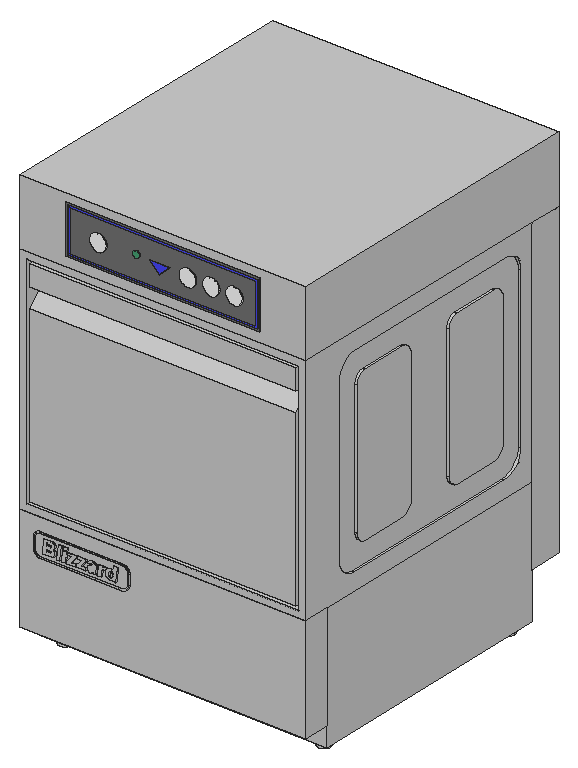
Revit family "QF_BLIZZARD_STORM35DP", category Specialty Equipment, Revit 2016
Family settings
  Part Type = Normal
  Round Connector Dimension = Use Diameter
  OmniClass Number = 23.40.40.14.31
  OmniClass Title = Cleaning and Disposal Equipment
  Work Plane-Based = No
  Always vertical = Yes
  Cut with Voids When Loaded = No
  Shared = No
  Room Calculation Point = No
Parameters (values of type "STORM35DP")
  URL = "www.blizzardequipment.com"
  Show Logo [instance] = yes
  Show Clearance [instance] = yes
  Model = "STORM35DP"
  Manufacturer = "BLIZZARD"
  Legs height [instance] = 170 mm
  Description = "STORM GLASSWASHER 350X350MM WITH DRAIN PUMP"
  Assembly Code = "E1090320"
Reference planes
  plane 1 "Back": y = 0
  plane 2: z = 0
  plane 3 "Left": x = 0
  plane 4 "Right": x = 430
  plane 5 "Front": y = -475
  plane 6 "Top": z = 650
Forms (mm)
  Extrusion 1, solid
    sketch origin (50, 687.394, 40) x (0, -1, 0) y (0, 0, 1)
      loop
        line (687.394, 510.013) -> (687.394, 42.551) -> (737.394, 42.551) -> (737.394, 510.013) -> (687.394, 510.013)
    from -380 to 50
  Extrusion 2, solid
    sketch origin (50, 577.394, -25) x (0, -1, 0) y (0, 0, 1)
      loop
        line (577.394, 675) -> (577.394, 575.013) -> (1052.394, 575.013) -> (1052.394, 675) -> (577.394, 675)
    from -380 to 50
  Extrusion 3, solid
    sketch origin (50, 577.394, -370) x (0, -1, 0) y (0, 0, 1)
      loop
        line (627.394, 570) -> (627.394, 381.179) -> (1012.394, 381.179) -> (1012.394, 570) -> (627.394, 570)
    from -380 to 50
  Extrusion 4, solid
    sketch origin (5.431, 88.549, -127.332) x (0, 1, 0) y (0, 0, 1)
      loop
        line (-193.549, 402.332) -> (-193.549, 602.345)
        arc (-193.549, 602.345) -> (-197.942, 612.952) -> (-208.549, 617.345) r 15
        line (-208.549, 617.345) -> (-278.549, 617.345)
        arc (-278.549, 617.345) -> (-289.155, 612.952) -> (-293.549, 602.345) r 15
        line (-293.549, 602.345) -> (-293.549, 402.332)
        arc (-293.549, 402.332) -> (-289.155, 391.725) -> (-278.549, 387.332) r 15
        line (-278.549, 387.332) -> (-208.549, 387.332)
        arc (-208.549, 387.332) -> (-197.942, 391.725) -> (-193.549, 402.332) r 15
      loop
        line (-366.549, 402.332) -> (-366.549, 602.345)
        arc (-366.549, 602.345) -> (-370.942, 612.952) -> (-381.549, 617.345) r 15
        line (-381.549, 617.345) -> (-451.549, 617.345)
        arc (-451.549, 617.345) -> (-462.155, 612.952) -> (-466.549, 602.345) r 15
        line (-466.549, 602.345) -> (-466.549, 402.332)
        arc (-466.549, 402.332) -> (-462.155, 391.725) -> (-451.549, 387.332) r 15
        line (-451.549, 387.332) -> (-381.549, 387.332)
        arc (-381.549, 387.332) -> (-370.942, 391.725) -> (-366.549, 402.332) r 15
    from -5.431 to -0.431
  Extrusion 5, solid
    sketch origin (424.569, 88.549, -130) x (0, 1, 0) y (0, 0, -1)
      loop
        line (-193.549, -605.013) -> (-193.549, -405)
        arc (-193.549, -405) -> (-197.942, -394.393) -> (-208.549, -390) r 15
        line (-208.549, -390) -> (-278.549, -390)
        arc (-278.549, -390) -> (-289.155, -394.393) -> (-293.549, -405) r 15
        line (-293.549, -405) -> (-293.549, -605.013)
        arc (-293.549, -605.013) -> (-289.155, -615.62) -> (-278.549, -620.013) r 15
        line (-278.549, -620.013) -> (-208.549, -620.013)
        arc (-208.549, -620.013) -> (-197.942, -615.62) -> (-193.549, -605.013) r 15
      loop
        line (-381.549, -390) -> (-451.549, -390)
        arc (-451.549, -390) -> (-462.155, -394.393) -> (-466.549, -405) r 15
        line (-466.549, -405) -> (-466.549, -605.013)
        arc (-466.549, -605.013) -> (-462.155, -615.62) -> (-451.549, -620.013) r 15
        line (-451.549, -620.013) -> (-381.549, -620.013)
        arc (-381.549, -620.013) -> (-370.942, -615.62) -> (-366.549, -605.013) r 15
        line (-366.549, -605.013) -> (-366.549, -405)
        arc (-366.549, -405) -> (-370.942, -394.393) -> (-381.549, -390) r 15
    from -5.431 to -0.431
  Extrusion 6, solid
    sketch origin (0, 0, -130) x (1, 0, 0) y (0, 0, 1)
      loop
        line (0, 680.013) -> (0, 330) -> (430, 330) -> (430, 680.013) -> (0, 680.013)
      loop
        line (10, 670.013) -> (10, 340) -> (420, 340) -> (420, 670.013) -> (10, 670.013)
    from 50 to 475
  Extrusion 7, solid
    sketch origin (0, 145, -135) x (0, 1, 0) y (0, 0, 1)
      loop
        line (-620, 640.013) -> (-610.417, 640.013) -> (-610.417, 658.455) -> (-590.417, 658.455) -> (-590.417, 639.243) -> (-620, 609.66) -> (-620, 350) -> (-580, 350) -> (-580, 670.013) -> (-620, 670.013) -> (-620, 640.013)
    from 15 to 415
  Extrusion 8, solid
    sketch origin (0, 145, 40) x (0, 1, 0) y (0, 0, 1)
      loop
        line (-580, 160) -> (-620, 160) -> (-620, 0) -> (-580, 0) -> (-580, 160)
    from 0 to 430
  Extrusion 9, solid
    sketch origin (0, -290, -130) x (0, 1, 0) y (0, 0, 1)
      loop
        line (-135, 670.013) -> (-145, 670.013) -> (-145, 340) -> (-135, 340) -> (-135, 670.013)
    from 10 to 420
  Extrusion 10, solid
    sketch origin (-184.268, -474.5, -191.974) x (-1, 0, 0) y (0, 0, 1)
      loop
        line (-545, 830) -> (-545, 757.559) -> (-253.536, 757.559) -> (-253.536, 830) -> (-545, 830)
    from -1 to 1
  Extrusion 11, solid, visible <- "Show Logo"
    sketch origin (-177.291, -474.5, -632.856) x (-1, 0, 0) y (0, 0, 1)
      loop
        line (-207.755, 812.856) -> (-331.271, 812.856)
        arc (-331.271, 812.856) -> (-338.67, 809.791) -> (-341.735, 802.392) r 10.464
        line (-341.735, 802.392) -> (-341.735, 787.392)
        arc (-341.735, 787.392) -> (-338.67, 779.993) -> (-331.271, 776.928) r 10.464
        line (-331.271, 776.928) -> (-207.755, 776.928)
        arc (-207.755, 776.928) -> (-200.356, 779.993) -> (-197.291, 787.392) r 10.464
        line (-197.291, 787.392) -> (-197.291, 802.392)
        arc (-197.291, 802.392) -> (-200.356, 809.791) -> (-207.755, 812.856) r 10.464
      loop
        line (-207.755, 810.856) -> (-331.271, 810.856)
        arc (-331.271, 810.856) -> (-337.256, 808.377) -> (-339.735, 802.392) r 8.464
        line (-339.735, 802.392) -> (-339.735, 787.392)
        arc (-339.735, 787.392) -> (-337.256, 781.407) -> (-331.271, 778.928) r 8.464
        line (-331.271, 778.928) -> (-207.755, 778.928)
        arc (-207.755, 778.928) -> (-201.77, 781.407) -> (-199.291, 787.392) r 8.464
        line (-199.291, 787.392) -> (-199.291, 802.392)
        arc (-199.291, 802.392) -> (-201.77, 808.377) -> (-207.755, 810.856) r 8.464
    from -1 to 1
  Extrusion 12, solid, visible <- "Show Logo"
    sketch origin (3.606, 146, -76.918) x (1, 0, 0) y (0, 0, 1)
      loop
        line (30.587, 228.481) -> (44.749, 228.857)
        arc (44.749, 228.857) -> (49.768, 233.478) -> (47.063, 239.741) r 5.894
        arc (47.063, 239.741) -> (48.729, 246.617) -> (42.285, 249.538) r 5.547
        line (42.285, 249.538) -> (33.172, 249.538) -> (30.587, 228.481)
      loop
        line (36.658, 232.978) -> (42.704, 232.978)
        arc (42.704, 232.978) -> (44.625, 234.898) -> (42.704, 236.819) r 1.921
        line (42.704, 236.819) -> (37.13, 236.819) -> (36.658, 232.978)
      loop
        line (37.256, 241.423) -> (42.802, 241.423)
        arc (42.802, 241.423) -> (44.723, 243.344) -> (42.802, 245.264) r 1.921
        line (42.802, 245.264) -> (37.728, 245.264) -> (37.256, 241.423)
      loop
        line (52.105, 228.421) -> (57.105, 228.421) -> (59.698, 249.538) -> (54.698, 249.538) -> (52.105, 228.421)
      loop
        line (60, 228.421) -> (65, 228.421) -> (66.892, 243.832) -> (61.892, 243.832) -> (60, 228.421)
      loop
        line (61.983, 244.575) -> (67.494, 244.575) -> (68.103, 249.538) -> (62.593, 249.538) -> (61.983, 244.575)
      loop
        line (68.784, 239.859) -> (74.946, 239.859) -> (67.947, 231.215) -> (67.947, 228.421) -> (81.379, 228.421) -> (81.379, 232.273) -> (75.019, 232.273) -> (82.004, 240.899) -> (82.004, 243.832) -> (69.272, 243.832) -> (68.784, 239.859)
      loop
        line (83.284, 239.859) -> (89.446, 239.859) -> (82.447, 231.215) -> (82.447, 228.421) -> (95.879, 228.421) -> (95.879, 232.273) -> (89.519, 232.273) -> (96.504, 240.899) -> (96.504, 243.832) -> (83.772, 243.832) -> (83.284, 239.859)
      loop
        arc (103.395, 238.896) -> (105.439, 241.195) -> (106.867, 238.469) r 1.87
        line (106.867, 238.469) -> (101.835, 237.44)
        arc (101.835, 237.44) -> (98.76, 230.604) -> (106.218, 229.849) r 4.62
        line (106.218, 229.849) -> (107.645, 228.421) -> (112.645, 228.421) -> (111.375, 230.622) -> (112.465, 239.505)
        arc (112.465, 239.505) -> (105.449, 244.583) -> (98.432, 239.505) r 7.387
        line (98.432, 239.505) -> (103.395, 238.896)
      loop
        line (114.231, 228.421) -> (119.218, 228.421) -> (120.249, 236.819)
        arc (120.249, 236.819) -> (122.276, 239.388) -> (125.515, 239.859) r 4.419
        line (125.515, 239.859) -> (126.961, 243.832) -> (123.41, 243.832) -> (121.123, 242.512) -> (121.123, 243.832) -> (116.123, 243.832) -> (114.231, 228.421)
      loop
        arc (137.816, 242.746) -> (125.76, 237.684) -> (136.057, 229.626) r 7.581
        line (136.057, 229.626) -> (136.057, 228.421) -> (141.057, 228.421) -> (143.65, 249.538) -> (138.65, 249.538) -> (137.816, 242.746)
      loop
        spline (133.323, 232.229) -> (134.09, 232.277) -> (134.838, 232.6) -> (135.517, 233.178) -> (136.081, 233.97) -> (136.492, 234.924) -> (136.72, 235.972) -> (136.752, 237.045) -> (136.584, 238.069) -> (136.229, 238.975) -> (135.709, 239.7) -> (135.062, 240.195) -> (134.33, 240.426)
        spline (134.33, 240.426) -> (133.564, 240.379) -> (132.816, 240.055) -> (132.136, 239.477) -> (131.572, 238.685) -> (131.162, 237.732) -> (130.933, 236.683) -> (130.901, 235.61) -> (131.069, 234.586) -> (131.425, 233.681) -> (131.944, 232.956) -> (132.592, 232.46) -> (133.323, 232.229)
    from 620 to 622
  Extrusion 13, solid, visible <- "Show Clearance", detail levels coarse
    sketch origin (0, -290, -170) x (0, 1, 0) y (0, 0, 1)
      loop
        line (-185, 385) -> (-185, 705.013)
        arc (-185, 705.013) -> (-411.284, 611.284) -> (-505.013, 385) r 320.013
        line (-505.013, 385) -> (-185, 385)
    from 15 to 415
  Extrusion 14, solid
    sketch origin (-17.519, 174.541, 0) x (1, 0, 0) y (0, 1, 0)
      loop
        circle (37.519, -589.541) r 5
    from 5.109 to 11.179
  Extrusion 15, solid
    sketch origin (-17.519, 174.541, 0) x (1, 0, 0) y (0, 1, 0)
      loop
        circle (37.519, -589.541) r 10
    from 0 to 5.109
  Extrusion 16, solid
    sketch origin (-17.519, -659.541, 0) x (1, 0, 0) y (0, 1, 0)
      loop
        circle (37.519, 589.541) r 5
    from 5.109 to 11.179
  Extrusion 17, solid
    sketch origin (-17.519, -659.541, 0) x (1, 0, 0) y (0, 1, 0)
      loop
        circle (37.519, 589.541) r 10
    from 0 to 5.109
  Extrusion 18, solid
    sketch origin (447.519, 174.541, 0) x (-1, 0, 0) y (0, -1, 0)
      loop
        circle (37.519, 589.541) r 5
    from 5.109 to 11.179
  Extrusion 19, solid
    sketch origin (447.519, 174.541, 0) x (-1, 0, 0) y (0, -1, 0)
      loop
        circle (37.519, 589.541) r 10
    from 0 to 5.109
  Extrusion 20, solid
    sketch origin (447.519, -659.541, 0) x (-1, 0, 0) y (0, -1, 0)
      loop
        circle (37.519, -589.541) r 5
    from 5.109 to 11.179
  Extrusion 21, solid
    sketch origin (447.519, -659.541, 0) x (-1, 0, 0) y (0, -1, 0)
      loop
        circle (37.519, -589.541) r 10
    from 0 to 5.109
  Extrusion 22, void
    sketch origin (8.942, 88.818, -170) x (0, 1, 0) y (0, 0, 1)
      loop
        line (-158.818, 425) -> (-158.818, 665.013)
        arc (-158.818, 665.013) -> (-167.605, 686.227) -> (-188.818, 695.013) r 30
        line (-188.818, 695.013) -> (-471.818, 695.013)
        arc (-471.818, 695.013) -> (-493.032, 686.227) -> (-501.818, 665.013) r 30
        line (-501.818, 665.013) -> (-501.818, 425)
        arc (-501.818, 425) -> (-493.032, 403.787) -> (-471.818, 395) r 30
        line (-471.818, 395) -> (-188.818, 395)
        arc (-188.818, 395) -> (-167.605, 403.787) -> (-158.818, 425) r 30
    from -13.942 to -3.942
  Extrusion 23, void
    sketch origin (421.058, 88.818, -170) x (0, 1, 0) y (0, 0, -1)
      loop
        arc (-158.818, -425) -> (-167.605, -403.787) -> (-188.818, -395) r 30
        line (-188.818, -395) -> (-471.818, -395)
        arc (-471.818, -395) -> (-493.032, -403.787) -> (-501.818, -425) r 30
        line (-501.818, -425) -> (-501.818, -665.013)
        arc (-501.818, -665.013) -> (-493.032, -686.227) -> (-471.818, -695.013) r 30
        line (-471.818, -695.013) -> (-188.818, -695.013)
        arc (-188.818, -695.013) -> (-167.605, -686.227) -> (-158.818, -665.013) r 30
        line (-158.818, -665.013) -> (-158.818, -425)
    from -13.942 to -3.942
  Extrusion 24, solid
    sketch origin (-48.366, 146, -170) x (1, 0, 0) y (0, 0, 1)
      loop
        circle (166.253, 770.64) r 12.423
    from 620 to 622
  Extrusion 25, solid
    sketch origin (86.634, 146, -170) x (1, 0, 0) y (0, 0, 1)
      loop
        circle (166.253, 770.64) r 12.423
    from 620 to 622
  Extrusion 26, solid
    sketch origin (121.634, 146, -170) x (1, 0, 0) y (0, 0, 1)
      loop
        circle (166.253, 770.64) r 12.423
    from 620 to 622
  Extrusion 27, solid
    sketch origin (156.634, 146, -170) x (1, 0, 0) y (0, 0, 1)
      loop
        circle (166.253, 770.64) r 12.423
    from 620 to 622
  Extrusion 28, solid
    sketch origin (9.211, 146, -165.614) x (1, 0, 0) y (0, 0, 1)
      loop
        circle (166.253, 770.64) r 5
    from 620 to 622
  Extrusion 29, solid
    sketch origin (-184.268, -475, -196.974) x (-1, 0, 0) y (0, 0, 1)
      loop
        line (-540, 830) -> (-540, 767.559) -> (-258.536, 767.559) -> (-258.536, 830) -> (-540, 830)
      loop
        line (-542, 832) -> (-542, 765.559) -> (-256.536, 765.559) -> (-256.536, 832) -> (-542, 832)
    from -1 to 1
  Extrusion 30, solid
    sketch origin (-184.268, -475, -226.974) x (-1, 0, 0) y (0, 0, 1)
      loop
        line (-409.732, 832) -> (-394.732, 817) -> (-379.732, 832) -> (-409.732, 832)
    from -1 to 1
Cuts and joins
  Extrusion 23 cuts Extrusion 4
  Extrusion 22, Extrusion 23 cuts Extrusion 6
Lines and regions (mm)
  reference lines
    curve 1: line (0, -183.475, 1485) -> (0, -697.791, 1021.908)
  symbolic lines, style "200-EquipBorder-2D"
    curve 2: line (0, 0, 0) -> (430, 0, 0)
    curve 3: line (0, -475, 0) -> (0, 0, 0)
    curve 4: line (430, -475, 0) -> (0, -475, 0)
    curve 5: line (430, 0, 0) -> (430, -475, 0)
  symbolic lines, style "QF_Door-Drawer Clearances", visible <- "Show Clearance"
    curve 6: line (15, -475, 0) -> (15, -795.013, 0)
    curve 7: line (15, -795.013, 0) -> (415, -795.013, 0)
    curve 8: line (415, -795.013, 0) -> (415, -475, 0)
Dimensions and locks
  plane 3 "Left" to plane 4 "Right" = 430 mm
  plane 5 "Front" to plane 1 "Back" = 475 mm
  plane 1 "Back" to plane 5 "Front" = 475 mm
  plane 4 "Right" to plane 3 "Left" = 430 mm
  plane 6 "Top" to level = 650 mm  (x2)
  aligned and locked: level to plane 2
